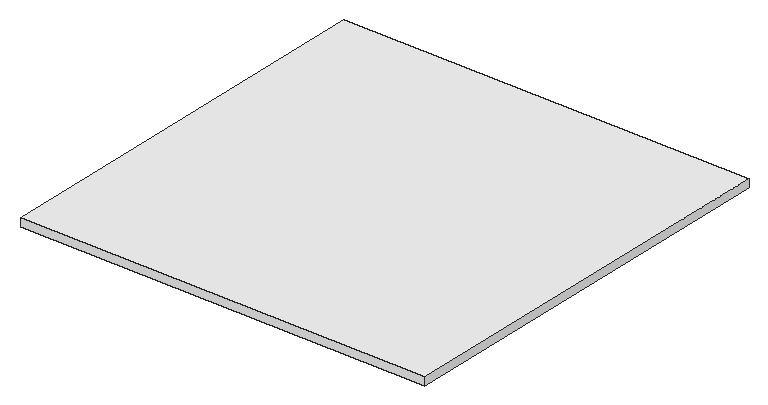
Revit family "ROTHOB_Rothoblaas_Tape_FlexiBand", category Structural Connections, host Face, Revit 2020
Family settings
  Host = Face
  Material for Model Behavior = Other
  OmniClass Number = 23.13.23.17
  OmniClass Title = General Purpose Tape
  Enable cutting in views = Yes
  Cut with Voids When Loaded = No
  Shared = No
Parameters (values of type "FLEXI BAND")
  WarrantyStartDate [instance] = ""
  WarrantyGuarantorParts = "n/a"  # constant formula
  WarrantyGuarantorLabor = "n/a"  # constant formula
  WarrantyDurationUnit = "n/a"  # constant formula
  WarrantyDurationParts = "n/a"  # constant formula
  WarrantyDurationLabor = "n/a"  # constant formula
  WarrantyDescription = "n/a"  # constant formula
  Version = "2"  # constant formula
  VOCEmissions = "EC1 plus"  # constant formula
  UniClass2015Version = "Products v1.33"  # constant formula
  UniClass2015Title = "Acrylic adhesive sealant tapes"  # constant formula
  UniClass2015Code = "Pr_35_90_87_02"  # constant formula
  Tipo IFC predefinito = "USERDEFINED"  # constant formula
  SustainabilityPerformance = "n/a"  # constant formula
  Size = "n/a"  # constant formula
  ShearAdhesionStrength_Joint_PP_Membrane_24hours = "70 N/50 mm"  # constant formula
  Shape = "Bidimensional"  # constant formula
  Revision = "n/a"  # constant formula
  ResistanceTemperature = "-40/+80 °C"  # constant formula
  ReplacementCost = "n/a"  # constant formula
  PassiveHouseTitle = "Surface Air Sealing"  # constant formula
  PassiveHouseCode = "1457as00"  # constant formula
  ObjectMaterial = ROTHOB_Rothoblaas_Polyester
  NominalWidth = "n/a"  # constant formula
  NominalHeight = "n/a"  # constant formula
  FrenchVOC_Classification = "A+"  # constant formula
  FireResistanceRating_PlainCLT_100mm_5mm_Joint_CombinedwithFireStripeGraphite = "EI 90"  # constant formula
  ExposureWeather = "> 6 months"  # constant formula
  EMCODETitle = "n/a"  # constant formula
  EMCODECode = "19516/01.01.14"  # constant formula
  Default Elevation = 1.2192 m
  ProductInformation = "https://www.rothoblaas.com/products/airtightness-and-waterproofing/tapes-and-sealants/tapes-and-profiles/flexi-band"  # constant formula
  OmniClassVersion = "2012-05-16"  # constant formula
  OmniClassTitle = "General Purpose Tape"  # constant formula
  OmniClassCode = "23.13 23.17"  # constant formula
  NominalLength = "n/a"  # constant formula
  InstallationDate [instance] = ""
  Length_L [instance] = 0.05 m
  Name = "Tape"  # constant formula
  ModelReference = "n/a"  # constant formula
  ModelNumber = "n/a"  # constant formula
  ModelDisclaimer = "The latest version of the data sheets can be found on our website"  # constant formula
  Material = "Polyester"  # constant formula
  ManufacturerURL = "www.rothoblaas.com"  # constant formula
  ManufacturerName = "ROTHO BLAAS SRL"  # constant formula
  Manufacturer = "info@rothoblaas.com"  # constant formula
  IfcExportType = "USERDEFINED"  # constant formula
  IfcExportAs = "IfcBuildingElementProxyType"  # constant formula
  Width_B [instance] = 0.05 m
  Grade = "n/a"  # constant formula
  Finish = "PE film"  # constant formula
  Features = "n/a"  # constant formula
  ExpectedLife = "n/a"  # constant formula
  Esporta tipo in formato IFC con nome = "IfcBuildingElementProxyType"  # constant formula
  DurationUnit = "Years"  # constant formula
  Description = "Universal single-sided high-adhesive tape"  # constant formula
  Constituents = "n/a"  # constant formula
  Color = "Black and white"  # constant formula
  CodePerformance = "CE - Construction products"  # constant formula
  Category = "Pr_35_90_87_02 - Acrylic adhesive sealant tapes"  # constant formula
  BIMObjectName = "ROTHOB_Rothoblaas_Tape_FlexiBand"  # constant formula
  Author = "Vitor Ferronato"  # constant formula
  AssetType = "n/a"  # constant formula
  ApplicationTemperature = "-18/+40 °C"  # constant formula
  AdhesionStrength_Average_PP_Membrane_24hours = "30,0 N/50 mm"  # constant formula
  AdhesionStrengthOSB_90°_10minutes = "6,5 N/10 mm"  # constant formula
  AdhesionStrengthOSB_180°_10minutes = "12 N/10 mm"  # constant formula
  AccessibilityPerformance = "n/a"  # constant formula
Reference planes (m)
  plane 1 "Centro (Fronte/Retro)": y = 0
  plane 2: z = 0
  plane 3 "Centro (Sinistra/Destra)": x = 0
  plane 4: y = 0.025
  plane 5: y = -0.025
  plane 6: x = -0.025
  plane 7: x = 0.025
Forms (m)
  Extrusion 1, solid, material "ROTHOB_Rothoblaas_Polyester" <- "ObjectMaterial"
    sketch origin (0, 0, 0) x (1, 0, 0) y (0, 1, 0)
      loop
        line (-0.025, 0.025) -> (-0.025, -0.025) -> (0.025, -0.025) -> (0.025, 0.025) -> (-0.025, 0.025)
    from 0 to 0.001
Dimensions and locks (m)
  equal spacing: host sketch curve, plane 3 "Centro (Sinistra/Destra)", host sketch curve
  host sketch curve to host sketch curve = 0.08 m
  equal spacing: host sketch curve, plane 1 "Centro (Fronte/Retro)", host sketch curve
  host sketch curve to host sketch curve = 0.07 m
  equal spacing: plane 6, plane 3 "Centro (Sinistra/Destra)", plane 7
  "Length_L": plane 6 to plane 7
  equal spacing: plane 4, plane 1 "Centro (Fronte/Retro)", plane 5
  "Width_B": plane 4 to plane 5
  aligned and locked: plane 2 to host face
  aligned and locked: level to host face
  aligned and locked: Extrusion 1 sketch curve to plane 4
  aligned and locked: Extrusion 1 sketch curve to plane 5
  aligned and locked: plane 7 to Extrusion 1 sketch curve
  aligned and locked: plane 6 to Extrusion 1 sketch curve
